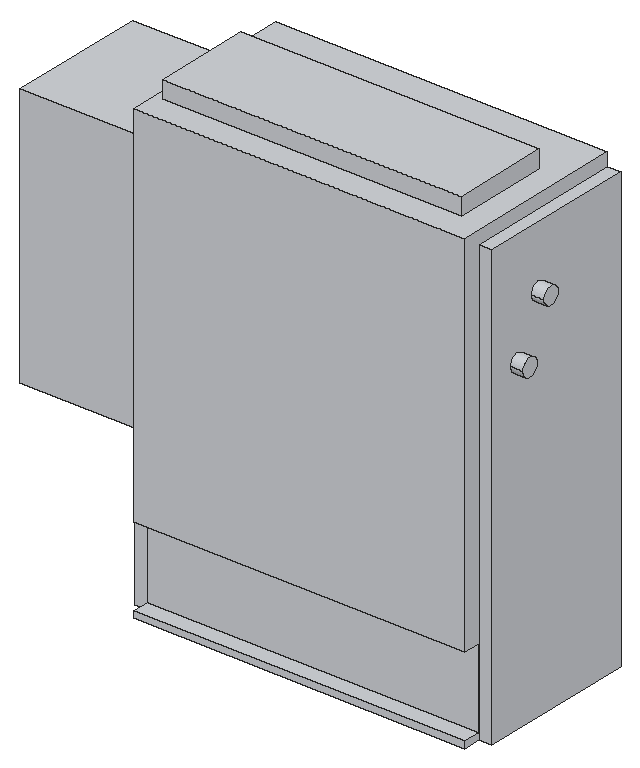
Revit family "M_Aquecedor de unidade - Armário - Vertical oculto", category Equipamento mecânico, Revit 2019
Family settings
  Cota do conector redondo = Usar raio
  Tipo de parte = Normal
  Número OmniClass = 23.75.70.17.34
  Título OmniClass = Unit Heaters
  ID de item do Seek = Unit Heater - Cabinet - Vertical Concealed-0000-CAN-ENU
  Com base no plano de trabalho = Não
  Sempre na vertical = Sim
  Corte com vazios quando carregada = Não
  Compartilhado = Não
  Ponto de cálculo do ambiente = Não
Parameters (values of type "6 kW")
  Queda de pressão da água [instance] = 345000.0 Pa
  Fluxo da água [instance] = 0.13 L/s
  Largura da saída = Comprimento da grelha interna  # 480 mm
  Altura da saída = Largura da grelha interna  # 115 mm
  Largura interna = Comprimento da grelha de descarga  # 432 mm
  Altura interna = Largura da grelha de descarga  # 140 mm
  Largura da grelha interna = 115 mm
  Comprimento da grelha interna = Comprimento do aquecedor  # 480 mm
  Raio da embocadura = 12.5 mm
  Diâmetro da embocadura = Raio da embocadura * 2  # 25 mm
  Raio da saída = 12.5 mm
  Diâmetro da saída = Raio da saída * 2  # 25 mm
  Carga do aquecimento [instance] = 6000 W
  Material do aquecedor = none
  Comprimento do aquecedor = 480 mm
  Inserindo a temperatura da água [instance] = 93.33 °C
  Largura da grelha de descarga = 140 mm
  Comprimento da grelha de descarga = Comprimento do aquecedor * 0.9  # 432 mm
  Fluxo de ar [instance] = 158.0 L/s
Types (6, lengths in mm): name | Fluxo da água | Largura da saída | Largura interna | Comprimento da grelha interna | Carga do aquecimento | Comprimento do aquecedor | Comprimento da grelha de descarga | Fluxo de ar
  (no name) | 0.13 L/s | 480 | 432 | 480 | 6000 W | 480 | 432 | 158.0 L/s
  6 kW | 0.13 L/s | 480 | 432 | 480 | 6000 W | 480 | 432 | 158.0 L/s
  9 kW | 0.19 L/s | 600 | 540 | 600 | 9000 W | 600 | 540 | 203.0 L/s
  12 kW | 0.32 L/s | 860 | 774 | 860 | 12000 W | 860 | 774 | 297.0 L/s
  15 kW | 0.32 L/s | 1050 | 945 | 1050 | 15000 W | 1050 | 945 | 406.0 L/s
  24 kW | 0.5 L/s | 1550 | 1395 | 1550 | 24000 W | 1550 | 1395 | 665.0 L/s
Reference planes
  plane 1 "Centro (Frente/Trás)": y = 0
  plane 2: z = 0
  plane 3 "Centro (Esquerda/Direita)": x = 0
  plane 4: x = -19.05
  plane 5: x = -499.05
  plane 6: x = -518.1
  plane 7: x = -683.2
  plane 8: x = -486.35
  plane 9: x = -54.35
  plane 10: x = 19.05
  plane 11: y = -79.375
  plane 12: y = -219.375
  plane 13: y = -231.775
  plane 14: y = -257.175
  plane 15: z = 9.525
  plane 16: z = 124.525
  plane 17: z = 642.05
  plane 18: z = 661.1
  plane 19: z = 686.5
  plane 20: y = -28.575
  plane 21: z = 610.3
  plane 22: z = 229.3
  plane 23: z = 553.15
  plane 24: z = 476.95
  plane 25: y = -187.325
  plane 26: y = -149.225
  plane 27: x = -259.05
  plane 28: z = 67.025
Forms (mm)
  Extrusion 1, solid, material <- "Material do aquecedor"
    sketch origin (0, 0, 0) x (1, 0, 0) y (0, 1, 0)
      loop
        line (-499.05, 0) -> (-499.05, -257.175) -> (-19.05, -257.175) -> (-19.05, 0) -> (-499.05, 0)
    from 0 to 661.1
  Extrusion 2, solid, material <- "Material do aquecedor"
    sketch origin (0, 0, 0) x (1, 0, 0) y (0, 1, 0)
      loop
        line (-486.35, -79.375) -> (-486.35, -219.375) -> (-54.35, -219.375) -> (-54.35, -79.375) -> (-486.35, -79.375)
    from 661.1 to 686.5
  Extrusion 3, solid, material <- "Material do aquecedor"
    sketch origin (0, 0, 0) x (1, 0, 0) y (0, 1, 0)
      loop
        line (-683.2, -28.575) -> (-683.2, -231.775) -> (-518.1, -231.775) -> (-518.1, -28.575) -> (-683.2, -28.575)
    from 229.3 to 610.3
  Extrusion 4, solid, material <- "Material do aquecedor"
    sketch origin (0, 0, 0) x (1, 0, 0) y (0, 1, 0)
      loop
        line (-518.1, 0) -> (-518.1, -231.775) -> (-499.05, -231.775) -> (-499.05, 0) -> (-518.1, 0)
    from 0 to 642.05
  Extrusion 5, void
    sketch origin (0, 0, 0) x (1, 0, 0) y (0, 0, 1)
      loop
        line (-499.05, 124.525) -> (-499.05, 9.525) -> (0, 9.525) -> (0, 124.525) -> (-499.05, 124.525)
    from 231.775 to 257.175
  Extrusion 6, solid, material <- "Material do aquecedor"
    sketch origin (501.65, 0, 0) x (1, 0, 0) y (0, 1, 0)
      loop
        line (-520.7, 0) -> (-520.7, -231.775) -> (-501.65, -231.775) -> (-501.65, 0) -> (-520.7, 0)
    from 0 to 641.35
  Extrusion 7, solid, material <- "Material do aquecedor"
    sketch origin (0, 0, 0) x (0, 1, 0) y (0, 0, 1)
      loop
        circle (-187.325, 476.95) r 12.5
    from 0 to 19.05
  Extrusion 8, solid, material <- "Material do aquecedor"
    sketch origin (0, 0, 0) x (0, 1, 0) y (0, 0, 1)
      loop
        circle (-149.225, 553.15) r 12.5
    from 0 to 19.05
  Extrusion 9, solid
    sketch origin (0, -257.175, 0) x (1, 0, 0) y (0, 0, 1)
      loop
        line (-19.05, 124.525) -> (-499.05, 124.525) -> (-499.05, 9.525) -> (-19.05, 9.525) -> (-19.05, 124.525)
    from -257.175 to -25.4
Cuts and joins
  Extrusion 5 cuts Extrusion 1
  Extrusion 5 cuts Extrusion 4
  joined: Extrusion 1, Extrusion 2, Extrusion 3, Extrusion 4, Extrusion 6, Extrusion 7, Extrusion 8
Dimensions and locks
  locked: plane 4 to plane 3 "Centro (Esquerda/Direita)" at 19.05
  "Comprimento do aquecedor": plane 5 to plane 4
  locked: plane 6 to plane 5 at 19.05
  locked: plane 7 to plane 6 at 165.1
  locked: plane 5 to plane 8 at 12.7
  "Comprimento da grelha de descarga": plane 8 to plane 9
  locked: plane 3 "Centro (Esquerda/Direita)" to plane 10 at 19.05
  locked: plane 11 to plane 1 "Centro (Frente/Trás)" at 79.375
  "Largura da grelha de descarga": plane 12 to plane 11
  locked: plane 13 to plane 1 "Centro (Frente/Trás)" at 231.775
  locked: plane 14 to plane 1 "Centro (Frente/Trás)" at 257.175
  locked: plane 15 to plane 2 at 9.525
  "Largura da grelha interna": plane 16 to plane 15
  locked: plane 18 to plane 17 at 19.05
  locked: plane 19 to plane 18 at 25.4
  plane 17 to plane 2 = 642.05 mm
  locked: plane 13 to plane 20 at 203.2
  locked: plane 17 to plane 21 at 31.75
  locked: plane 21 to plane 22 at 381
  locked: plane 17 to plane 23 at 88.9
  locked: plane 23 to plane 24 at 76.2
  locked: plane 13 to plane 25 at 44.45
  locked: plane 25 to plane 26 at 38.1
  equal spacing: plane 4, plane 27, plane 5
  equal spacing: plane 16, plane 28, plane 15
  "Raio da embocadura": radius of Extrusion 7 sketch curve
  "Raio da saída": radius of Extrusion 8 sketch curve
  aligned and locked: Extrusion 1 to plane 1 "Centro (Frente/Trás)"
  aligned and locked: plane 14 to Extrusion 1
  aligned and locked: Extrusion 1 to plane 5
  aligned and locked: Extrusion 1 to plane 2
  aligned and locked: plane 18 to Extrusion 1
  aligned and locked: Extrusion 2 to plane 11
  aligned and locked: plane 9 to Extrusion 2
  aligned and locked: plane 12 to Extrusion 2
  aligned and locked: Extrusion 2 to plane 8
  aligned and locked: plane 18 to Extrusion 2
  aligned and locked: plane 19 to Extrusion 2
  aligned and locked: Extrusion 3 to plane 20
  aligned and locked: Extrusion 3 to plane 7
  aligned and locked: plane 13 to Extrusion 3
  aligned and locked: plane 6 to Extrusion 3
  aligned and locked: Extrusion 4 to plane 1 "Centro (Frente/Trás)"
  aligned and locked: Extrusion 4 to plane 6
  aligned and locked: plane 5 to Extrusion 4
  aligned and locked: plane 13 to Extrusion 4
  aligned and locked: Extrusion 4 to plane 2
  aligned and locked: plane 17 to Extrusion 4
  aligned and locked: plane 21 to Extrusion 3
  aligned and locked: Extrusion 3 to plane 22
  aligned and locked: plane 16 to cut or joined group 1 (Extrusion 1, Extrusion 2, Extrusion 3, Extrusion 4, Extrusion 5, Extrusion 6, Extrusion 7, Extrusion 8)
  aligned and locked: cut or joined group 1 to plane 15
  aligned and locked: Extrusion 5 to plane 13
  aligned and locked: plane 14 to Extrusion 5
  aligned and locked: plane 4 to cut or joined group 1
  aligned and locked: Extrusion 6 to plane 1 "Centro (Frente/Trás)"
  aligned and locked: plane 3 "Centro (Esquerda/Direita)" to Extrusion 6
  aligned and locked: Extrusion 6 to plane 4
  aligned and locked: plane 13 to Extrusion 6
  aligned and locked: plane 25 to Extrusion 7 sketch curve
  aligned and locked: plane 24 to Extrusion 7 sketch curve
  aligned and locked: plane 23 to Extrusion 8 sketch curve
  aligned and locked: plane 26 to Extrusion 8 sketch curve
  aligned and locked: plane 10 to Extrusion 8
  aligned and locked: plane 10 to Extrusion 7
  aligned and locked: Extrusion 7 to plane 3 "Centro (Esquerda/Direita)"
  aligned and locked: Extrusion 8 to plane 3 "Centro (Esquerda/Direita)"
  aligned and locked: plane 4 to Extrusion 9 sketch curve
  aligned and locked: Extrusion 9 sketch curve to cut or joined group 1  (x2)
  aligned and locked: cut or joined group 1 to Extrusion 9 sketch curve
  aligned and locked: Extrusion 9 to plane 1 "Centro (Frente/Trás)"
  aligned and locked: plane 13 to Extrusion 9
Automatic sketch dimensions
  Extrusion 1 sketch curve to plane 5 = 0 mm
  Extrusion 1 sketch curve to plane 4 = 0 mm
  Extrusion 1 sketch curve to plane 14 = 0 mm
  Extrusion 1 sketch curve to plane 1 "Centro (Frente/Trás)" = 0 mm
  Extrusion 2 sketch curve to plane 8 = 0 mm
  Extrusion 2 sketch curve to plane 9 = 0 mm
  Extrusion 2 sketch curve to plane 12 = 0 mm
  Extrusion 2 sketch curve to plane 11 = 0 mm
  Extrusion 3 sketch curve to plane 7 = 0 mm
  Extrusion 3 sketch curve to plane 6 = 0 mm
  Extrusion 3 sketch curve to plane 13 = 0 mm
  Extrusion 3 sketch curve to plane 20 = 0 mm
  Extrusion 4 sketch curve to plane 6 = 0 mm
  Extrusion 4 sketch curve to plane 5 = 0 mm
  Extrusion 4 sketch curve to plane 13 = 0 mm
  Extrusion 4 sketch curve to plane 1 "Centro (Frente/Trás)" = 0 mm
  Extrusion 5 sketch curve to plane 5 = 0 mm
  Extrusion 5 sketch curve to plane 3 "Centro (Esquerda/Direita)" = 0 mm
  Extrusion 5 sketch curve to plane 15 = 0 mm
  Extrusion 5 sketch curve to plane 16 = 0 mm
  Extrusion 6 sketch curve to plane 4 = 0 mm
  Extrusion 6 sketch curve to plane 3 "Centro (Esquerda/Direita)" = 0 mm
  Extrusion 6 sketch curve to plane 13 = 0 mm
  Extrusion 6 sketch curve to plane 1 "Centro (Frente/Trás)" = 0 mm
Connectors
  piping at (19.05, -149.225, 553.15), diameter 25, driven by "Fluxo da água", driven by "Raio da saída", driven by "Queda de pressão da água"
    settings: on cut or joined group 1, index 1, connector inside diameter 25 mm, connector length 0 mm, flow factor 0, pipe flow 0.13 L/s, pressure drop 345000.0 Pa, fitting loss kfactor 0, connector angle 0.00°, fixture units 0, engagement length 0 mm, angle of deflection 0.00°, flow configuration 1, flow direction 2, fitting loss method 4, system type 8, joint type 0, gender type 0, connector reference index 2, connector utility 0, adjustable connector no, is connector primary yes, connector description "Saída de água"
  piping at (19.05, -187.325, 476.95), diameter 25, driven by "Raio da embocadura", driven by "Fluxo da água"
    settings: on cut or joined group 1, index 2, connector inside diameter 25 mm, connector length 0 mm, flow factor 0, pipe flow 0.13 L/s, pressure drop 0.0 Pa, fitting loss kfactor 0, connector angle 0.00°, fixture units 0, engagement length 0 mm, angle of deflection 0.00°, flow configuration 1, flow direction 1, fitting loss method 0, system type 7, joint type 0, gender type 0, connector reference index 1, connector utility 0, adjustable connector no, is connector primary no, connector description "Entrada de água"
  hvac at (-270.35, -149.375, 686.5), driven by "Fluxo de ar", driven by "Altura interna", driven by "Largura interna"
    settings: on cut or joined group 1, index 3, duct flow 158.0 L/s, flow factor 0, pres drop 0.0 Pa, loss coef 0, conn angle 0.00°, conn width 432 mm, conn height 140 mm, conn diameter 609.6 mm, duct sys type 2, conn prof type 1, flow config 0, flow direction 1, loss method 0, conn ref index 4, conn util no, is conn primary yes, conn desc ""
  hvac at (-259.05, -231.775, 67.025), driven by "Fluxo de ar", driven by "Altura da saída", driven by "Largura da saída"
    settings: on Extrusion 9, index 4, duct flow 158.0 L/s, flow factor 0, pres drop 0.0 Pa, loss coef 0, conn angle 0.00°, conn width 480 mm, conn height 115 mm, conn diameter 600 mm, duct sys type 1, conn prof type 1, flow config 0, flow direction 2, loss method 0, conn ref index 3, conn util no, is conn primary no, conn desc ""
